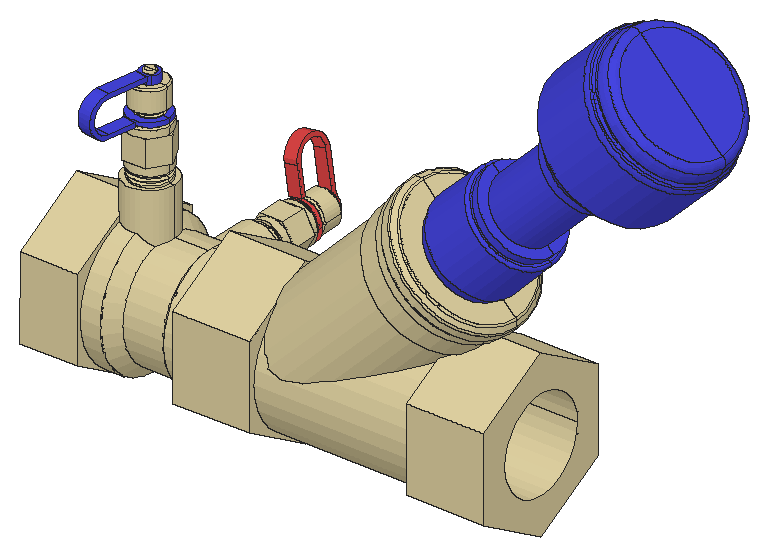
Revit family "DA02580000", category Apparecchi idraulici, Revit 2020
Family settings
  Quota connettore circolare = Usa diametro
  Tipo di parte = Normale
  Numero OmniClass = 23.45.00.00
  Titolo OmniClass = Sanitary, Laundry, and Cleaning Equipment
  Basato su piano di lavoro = No
  Sempre verticale = Sì
  Taglio con vuoti quando caricato = No
  Condiviso = No
  Punto di calcolo locali = No
Parameters
  URL = "https://web.cimberio.it/index.php/figura/654?subcategoria_id="
  Temperatura di esercizio = "-10 ÷ 120°C"
  Prospetto di default = 0 mm
  Produttore = "CIMBERIO SPA"
  Pressione nominale = "PN 20"
  Modello = "Cim 737"
  Materiale = "Prodotto in lega di ottone “CR” – “DZR\" conforme alla norma EN 1982-CC770S"
  Descrizione = "Utilizzato nei più svariati settori dell'impiantistica: impianti di riscaldamento, condizionamento, idrici, igienico-sanitari e in generale con ogni fluido non corrosivo"
  DN Model [instance] = DA02581032 : DA02581032
  DN [instance] = 32 mm
  Commenti sul tipo = "Realizzato in ottemperanza ai requisiti gestionali della norma EN ISO 9001.\r\nCollaudato al 100% secondo la normativa EN 12266-1"
Reference planes
  plane 1 "Centro (Fronte/Retro)": y = 0
  plane 2: z = 0
  plane 3 "Centro (Sinistra/Destra)": x = 0
Dimensions and locks
  aligned and locked: level to plane 2
Nested families
  nested 1: "DA02581032" at (0, 0, 0), type <- "DN Model", type "DA02581032"
  nested 2: "DA02581032" at (0, 0, 0), type <- "DN Model", type "DA02581032"
  nested 3: "DA02581032" at (0, 0, 0), type <- "DN Model", type "DA02581032"
  nested 4: "DA02581032" at (0, 0, 0), type <- "DN Model", type "DA02581032"
  nested 5: "DA02581032" at (0, 0, 0), type <- "DN Model", type "DA02581032"
  nested 6: "DA02581032" at (0, 0, 0), type <- "DN Model", type "DA02581032"
  nested 7: "DA02581032" at (0, 0, 0), type <- "DN Model", type "DA02581032"
  nested 8: "DA02581032" at (0, 0, 0), type <- "DN Model", type "DA02581032"
  nested 9: "DA02581032" at (0, 0, 0), type <- "DN Model", type "DA02581032"
  nested 10: "DA02581032" at (0, 0, 0), type <- "DN Model", type "DA02581032"
Connectors
  piping at (62.5, 0, 0), diameter 32, driven by "DN"
    settings: on nested 1, index 1, connector inside diameter 609.6 mm, connector length 0 mm, flow factor 0, pipe flow 0.0 L/s, pressure drop 0.0 Pa, fitting loss kfactor 0, connector angle 0.00°, fixture units 0, engagement length 0 mm, angle of deflection 0.00°, flow configuration 0, flow direction 0, fitting loss method 0, system type 7, joint type 0, gender type 0, connector reference index -1, connector utility 0, adjustable connector no, is connector primary yes, connector description ""
  piping at (-62.5, 0, 0), diameter 32, driven by "DN"
    settings: on nested 1, index 2, connector inside diameter 609.6 mm, connector length 0 mm, flow factor 0, pipe flow 0.0 L/s, pressure drop 0.0 Pa, fitting loss kfactor 0, connector angle 0.00°, fixture units 0, engagement length 0 mm, angle of deflection 0.00°, flow configuration 0, flow direction 0, fitting loss method 0, system type 7, joint type 0, gender type 0, connector reference index -1, connector utility 0, adjustable connector no, is connector primary no, connector description ""
Definition of nested family "DA02581032"
  Parameters (values of type "DA02581032")
    URL = ""
    Temperatura di esercizio = ""
    Default Elevation = 0 mm
    Manufacturer = ""
    Pressione nominale = ""
    Model = ""
    Materiale = ""
    Description = ""
    Type Comments = ""
  Reference planes
    plane 1 "Centro (Fronte/Retro)": y = 0
    plane 2: z = 0
    plane 3 "Centro (Sinistra/Destra)": x = 0
  Forms (mm)
    Revolve 1, solid
      sketch origin (0, 0, 0) x (1, 0, 0) y (0, 0, 1)
        loop
          line (-49, -19.75) -> (-35, -19.75) -> (-33.436, -21.314) -> (-27.5, -21.314) -> (-27.5, -16) -> (-60.5, -16) -> (-60.5, -24) -> (-53.25, -24) -> (-49, -19.75)
        axis (-60.5, 0) -> (-27.5, 0)
      angle from 0 to 360
    Extrusion 2, solid
      sketch origin (0, 0, 0) x (0, 1, 0) y (0, 0, 1)
        loop
          circle (0, 0) r 16
        loop
          line (0, 28.5) -> (-24.682, 14.25) -> (-24.682, -14.25) -> (0, -28.5) -> (24.682, -14.25) -> (24.682, 14.25) -> (0, 28.5)
      from -80.5 to -60.5
    Revolve 3, solid
      sketch origin (0, 0, 0) x (1, 0, 0) y (0, 0, 1)
        loop
          line (-1.027, -23) -> (53.777, -23) -> (53.777, -16) -> (-1.027, -16) -> (-1.027, -23)
        axis (-1.027, 0) -> (53.777, 0)
      angle from 0 to 360
    Revolve 4, solid
      sketch origin (0, 0, 11.056) x (1, 0, 0) y (0, 0, 1)
        loop
          arc (39.714, 57.099) -> (39.389, 57.316) -> (39.007, 57.392) r 1
          line (39.007, 57.392) -> (37.007, 57.392)
          arc (37.007, 57.392) -> (36.624, 57.316) -> (36.3, 57.099) r 1
          line (36.3, 57.099) -> (34.118, 54.917) -> (33.966, 54.059) -> (31.996, 52.089) -> (31.996, 50.675) -> (26.34, 45.018) -> (26.34, 43.604) -> (-9.951, 7.313) -> (0.573, -3.211) -> (50.299, 46.515) -> (39.714, 57.099)
        axis (55.684, 41.13) -> (5.958, -8.596)
      angle from 0 to 360
    Revolve 5, solid
      sketch origin (14.784, 0, 25.281) x (1, 0, 0) y (0, 0, 1)
        loop
          line (114.44, 100.606) -> (100.245, 114.801)
          arc (100.245, 114.801) -> (98.783, 115.606) -> (97.116, 115.505) r 3
          arc (97.116, 115.505) -> (95.13, 114.538) -> (93.404, 113.157) r 10
          line (93.404, 113.157) -> (110.197, 96.363) -> (114.44, 100.606)
        axis (110.197, 96.363) -> (114.44, 100.606)
      angle from 0 to 360
    Revolve 6, solid
      sketch origin (14.784, 0, 25.281) x (1, 0, 0) y (0, 0, 1)
        loop
          arc (93.227, 113.334) -> (92.721, 113.257) -> (92.216, 113.172) r 30
          arc (92.216, 113.172) -> (91.827, 113.086) -> (91.445, 112.97) r 5
          arc (91.445, 112.97) -> (90.44, 112.475) -> (89.567, 111.775) r 5.135
          line (89.567, 111.775) -> (73.577, 95.785) -> (72.155, 79.534) -> (70.246, 77.625) -> (72.579, 75.292) -> (51.366, 54.078) -> (49.033, 56.412) -> (46.911, 54.291) -> (57.518, 43.684) -> (110.197, 96.363) -> (93.227, 113.334)
        axis (110.197, 96.363) -> (57.518, 43.684)
      angle from 0 to 360
    Revolve 7, solid
      sketch origin (9.419, 0, 16.012) x (1, 0, 0) y (0, 0, 1)
        loop
          arc (52.013, 63.816) -> (51.315, 64.109) -> (50.612, 63.828) r 1
          line (50.612, 63.828) -> (36.933, 50.619) -> (34.81, 46.372) -> (45.083, 36.098) -> (62.407, 53.422) -> (52.013, 63.816)
        axis (63.092, 52.737) -> (45.768, 35.413)
      angle from 0 to 360
    Revolve 8, solid
      sketch origin (-27.25, 0, 11) x (1, 0, 0) y (0, 0, 1)
        loop
          line (-36.5, 25) -> (-36.5, 4.031) -> (-29.198, 4.031) -> (-29.198, 25) -> (-36.5, 25)
        axis (-28, 25) -> (-28, 4.031)
      angle from 0 to 360
    Revolve 9, solid
      sketch origin (-27.25, 0, 11.156) x (1, 0, 0) y (0, 0, 1)
        loop
          line (-31.35, 31.339) -> (-35, 31.339) -> (-35, 28.5) -> (-34.171, 28.5) -> (-34.761, 27.797) -> (-33.904, 27.196) -> (-34.744, 26.54) -> (-33.865, 25.854) -> (-34.698, 25.313) -> (-34.698, 24.529) -> (-31.35, 24.529) -> (-31.35, 31.339)
        axis (-28, 31.339) -> (-28, 24.529)
      angle from 0 to 360
    Extrusion 10, solid
      sketch origin (-27.25, 0, 11) x (1, 0, 0) y (0, 1, 0)
        loop
          line (-19.917, 0) -> (-23.959, 7) -> (-32.041, 7) -> (-36.083, 0) -> (-32.041, -7) -> (-23.959, -7) -> (-19.917, 0)
      from 31.5 to 40.5
    Revolve 11, solid
      sketch origin (-27.25, 0, 11) x (1, 0, 0) y (0, 0, 1)
        loop
          line (-28, 58.5) -> (-28, 43.5) -> (-23.981, 43.5) -> (-23.981, 45.013) -> (-23.232, 45.641) -> (-23.871, 46.178) -> (-23.25, 46.699) -> (-24.539, 48.503) -> (-26.851, 48.503) -> (-26.851, 56.898) -> (-25.996, 56.898) -> (-25.996, 57.749)
          arc (-25.996, 57.749) -> (-26.065, 58.158) -> (-26.3, 58.5) r 0.959
          line (-26.3, 58.5) -> (-28, 58.5)
        axis (-28, 43.5) -> (-28, 58.5)
      angle from 0 to 360
    Revolve 12, solid
      sketch origin (-27.25, 0, 11) x (1, 0, 0) y (0, 0, 1)
        loop
          line (-25.317, 43.5) -> (-25.317, 40.5) -> (-21, 40.5) -> (-21, 42.86) -> (-21.5, 43.5) -> (-25.317, 43.5)
        axis (-28.161, 43.5) -> (-28.161, 40.5)
      angle from 0 to 360
    Revolve 13, solid
      sketch origin (-27.25, 0, 11) x (1, 0, 0) y (0, 0, 1)
        loop
          line (-26.85, 55) -> (-26.85, 47) -> (-22.64, 47) -> (-22, 47.5) -> (-22, 54.36) -> (-22.5, 55) -> (-26.85, 55)
        axis (-28.161, 47) -> (-28.161, 55)
      angle from 0 to 360
    Extrusion 14, solid
      sketch origin (-27.258, 0.007, 11) x (1, -0.000719, 0) y (0.000719, 1, 0)
        loop
          arc (-25.736, -2.332) -> (-27.442, 3.202) -> (-30.92, -1.428) r 3.25
          arc (-30.92, -1.428) -> (-30.736, -2.025) -> (-30.746, -2.65) r 2
          line (-30.746, -2.65) -> (-26.313, -3.423)
          arc (-26.313, -3.423) -> (-26.111, -2.832) -> (-25.736, -2.332) r 2
        loop
          circle (-28, 0) r 2
      from 55 to 57.708
    Revolve 15, solid
      sketch origin (-27.25, 0, 11) x (1, 0, 0) y (0, 0, 1)
        loop
          line (-21.25, 45.199) -> (-23.981, 45.199) -> (-23.981, 43.703) -> (-21.25, 43.703) -> (-21.25, 45.199)
        axis (-28.161, 43.703) -> (-28.161, 45.199)
      angle from 0 to 360
    Extrusion 16, solid
      sketch origin (-26.843, -4.873, 11) x (0.157144, 0.987576, 0) y (0, 0, 1)
        loop
          line (-2.65, 56.208) -> (-2.65, 57.708) -> (-16.853, 57.708)
          arc (-16.853, 57.708) -> (-23.774, 50.708) -> (-16.853, 43.708) r 7
          line (-16.853, 43.708) -> (-7.148, 43.708) -> (-7.148, 45.208) -> (-16.853, 45.208)
          arc (-16.853, 45.208) -> (-22.287, 50.708) -> (-16.853, 56.208) r 5.5
          line (-16.853, 56.208) -> (-2.65, 56.208)
      from -31.148 to -26.632
    Revolve 17, solid
      sketch origin (-19.205, 11, 0.208) x (1, 0, 0) y (0, 1, 0)
        loop
          line (-36.5, 25) -> (-36.5, 4.031) -> (-29.198, 4.031) -> (-29.198, 25) -> (-36.5, 25)
        axis (-28, 25) -> (-28, 4.031)
      angle from 0 to 360
    Revolve 18, solid
      sketch origin (-19.205, 11.156, 0.208) x (1, 0, 0) y (0, 1, 0)
        loop
          line (-31.35, 31.339) -> (-35, 31.339) -> (-35, 28.5) -> (-34.171, 28.5) -> (-34.761, 27.797) -> (-33.904, 27.196) -> (-34.744, 26.54) -> (-33.865, 25.854) -> (-34.698, 25.313) -> (-34.698, 24.529) -> (-31.35, 24.529) -> (-31.35, 31.339)
        axis (-28, 31.339) -> (-28, 24.529)
      angle from 0 to 360
    Extrusion 19, solid
      sketch origin (-19.205, 11, 0.208) x (1, 0, 0) y (0, 0, -1)
        loop
          line (-19.917, 0) -> (-23.959, 7) -> (-32.041, 7) -> (-36.083, 0) -> (-32.041, -7) -> (-23.959, -7) -> (-19.917, 0)
      from 31.5 to 40.5
    Revolve 20, solid
      sketch origin (-19.205, 11, 0.208) x (1, 0, 0) y (0, 1, 0)
        loop
          line (-28, 58.5) -> (-28, 43.5) -> (-23.981, 43.5) -> (-23.981, 45.013) -> (-23.232, 45.641) -> (-23.871, 46.178) -> (-23.25, 46.699) -> (-24.539, 48.503) -> (-26.851, 48.503) -> (-26.851, 56.898) -> (-25.996, 56.898) -> (-25.996, 57.749)
          arc (-25.996, 57.749) -> (-26.065, 58.158) -> (-26.3, 58.5) r 0.959
          line (-26.3, 58.5) -> (-28, 58.5)
        axis (-28, 43.5) -> (-28, 58.5)
      angle from 0 to 360
    Revolve 21, solid
      sketch origin (-19.205, 11, 0.208) x (1, 0, 0) y (0, 1, 0)
        loop
          line (-25.317, 43.5) -> (-25.317, 40.5) -> (-21, 40.5) -> (-21, 42.86) -> (-21.5, 43.5) -> (-25.317, 43.5)
        axis (-28.161, 43.5) -> (-28.161, 40.5)
      angle from 0 to 360
    Revolve 22, solid
      sketch origin (-19.205, 11, 0.208) x (1, 0, 0) y (0, 1, 0)
        loop
          line (-26.85, 55) -> (-26.85, 47) -> (-22.64, 47) -> (-22, 47.5) -> (-22, 54.36) -> (-22.5, 55) -> (-26.85, 55)
        axis (-28.161, 47) -> (-28.161, 55)
      angle from 0 to 360
    Extrusion 23, solid
      sketch origin (-19.205, 11, 0.208) x (1, 0, 0) y (0, 0, -1)
        loop
          arc (-25.736, -2.332) -> (-27.442, 3.202) -> (-30.92, -1.428) r 3.25
          arc (-30.92, -1.428) -> (-30.736, -2.025) -> (-30.746, -2.65) r 2
          line (-30.746, -2.65) -> (-26.313, -3.423)
          arc (-26.313, -3.423) -> (-26.111, -2.832) -> (-25.736, -2.332) r 2
        loop
          circle (-28, 0) r 2
      from 55 to 57.708
    Revolve 24, solid
      sketch origin (-19.205, 11, 0.208) x (1, 0, 0) y (0, 1, 0)
        loop
          line (-21.25, 45.199) -> (-23.981, 45.199) -> (-23.981, 43.703) -> (-21.25, 43.703) -> (-21.25, 45.199)
        axis (-28.161, 43.703) -> (-28.161, 45.199)
      angle from 0 to 360
    Extrusion 25, solid
      sketch origin (-18.917, 11, 5.088) x (0.156434, 0, -0.987688) y (0, 1, 0)
        loop
          line (-2.65, 56.208) -> (-2.65, 57.708) -> (-16.853, 57.708)
          arc (-16.853, 57.708) -> (-23.774, 50.708) -> (-16.853, 43.708) r 7
          line (-16.853, 43.708) -> (-7.148, 43.708) -> (-7.148, 45.208) -> (-16.853, 45.208)
          arc (-16.853, 45.208) -> (-22.287, 50.708) -> (-16.853, 56.208) r 5.5
          line (-16.853, 56.208) -> (-2.65, 56.208)
      from -31.148 to -26.632
    Extrusion 26, solid
      sketch origin (54.866, 0, 0) x (0, 1, 0) y (0, 0, 1)
        loop
          circle (0, 0) r 16
        loop
          line (0, 28.5) -> (-24.682, 14.25) -> (-24.682, -14.25) -> (0, -28.5) -> (24.682, -14.25) -> (24.682, 14.25) -> (0, 28.5)
      from -82.366 to -55.893
    Extrusion 27, solid
      sketch origin (139.134, 0, 0) x (0, 1, 0) y (0, 0, 1)
        loop
          circle (0, 0) r 16
        loop
          line (0, 28.5) -> (-24.682, 14.25) -> (-24.682, -14.25) -> (0, -28.5) -> (24.682, -14.25) -> (24.682, 14.25) -> (0, 28.5)
      from -85.357 to -58.634
  Dimensions and locks
    aligned and locked: level to plane 2
